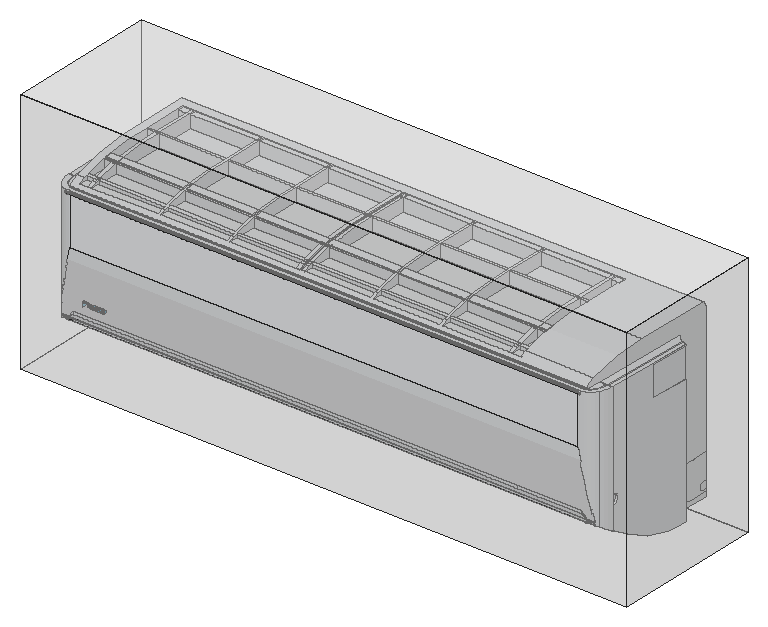
Revit family "outputfile", category 機械設備, Revit 2024 (continued)
Definition of nested family "FXAQ-ARVM"
  Automatic sketch dimensions
    Extrusion 15 sketch curve to level = 28.237 mm  (x2)
    plane 1 "Center (Front/Back)" to Extrusion 15 sketch curve = 187.5 mm
    Extrusion 15 sketch curve to Extrusion 15 sketch curve = 12.0 mm
    plane 1 "Center (Front/Back)" to Extrusion 15 sketch curve = 133.0 mm
    plane 1 "Center (Front/Back)" to Extrusion 15 sketch curve = 33.5 mm
    Extrusion 15 sketch curve to Extrusion 15 sketch curve = 11.0 mm
    Extrusion 15 sketch curve to Extrusion 15 sketch curve = 268.554 mm
    Extrusion 15 sketch curve to level = 5.047 mm
    Extrusion 16 sketch curve to level = 0.0 mm
    Extrusion 16 sketch curve to level = 28.237 mm  (x2)
    plane 1 "Center (Front/Back)" to Extrusion 16 sketch curve = 187.5 mm
    Extrusion 16 sketch curve to Extrusion 16 sketch curve = 12.0 mm
    plane 1 "Center (Front/Back)" to Extrusion 16 sketch curve = 133.0 mm
    plane 1 "Center (Front/Back)" to Extrusion 16 sketch curve = 33.5 mm
    Extrusion 16 sketch curve to Extrusion 16 sketch curve = 11.0 mm
    Extrusion 16 sketch curve to Extrusion 16 sketch curve = 268.554 mm
    Extrusion 16 sketch curve to level = 5.047 mm
    Extrusion 17 sketch curve to level = 0.0 mm
    Extrusion 17 sketch curve to level = 28.237 mm  (x2)
    plane 1 "Center (Front/Back)" to Extrusion 17 sketch curve = 187.5 mm
    Extrusion 17 sketch curve to Extrusion 17 sketch curve = 12.0 mm
    plane 1 "Center (Front/Back)" to Extrusion 17 sketch curve = 133.0 mm
    plane 1 "Center (Front/Back)" to Extrusion 17 sketch curve = 33.5 mm
    Extrusion 17 sketch curve to Extrusion 17 sketch curve = 11.0 mm
    Extrusion 17 sketch curve to Extrusion 17 sketch curve = 268.554 mm
    Extrusion 17 sketch curve to level = 5.047 mm
    Extrusion 18 sketch curve to level = 0.0 mm
    Extrusion 18 sketch curve to level = 28.237 mm  (x2)
    plane 1 "Center (Front/Back)" to Extrusion 18 sketch curve = 187.5 mm
    Extrusion 18 sketch curve to Extrusion 18 sketch curve = 12.0 mm
    plane 1 "Center (Front/Back)" to Extrusion 18 sketch curve = 133.0 mm
    plane 1 "Center (Front/Back)" to Extrusion 18 sketch curve = 33.5 mm
    Extrusion 18 sketch curve to Extrusion 18 sketch curve = 11.0 mm
    Extrusion 18 sketch curve to Extrusion 18 sketch curve = 268.554 mm
    Extrusion 18 sketch curve to level = 5.047 mm
    Extrusion 19 sketch curve to level = 0.0 mm
    Extrusion 19 sketch curve to level = 28.237 mm  (x2)
    plane 1 "Center (Front/Back)" to Extrusion 19 sketch curve = 187.5 mm
    Extrusion 19 sketch curve to Extrusion 19 sketch curve = 12.0 mm
    plane 1 "Center (Front/Back)" to Extrusion 19 sketch curve = 133.0 mm
    plane 1 "Center (Front/Back)" to Extrusion 19 sketch curve = 33.5 mm
    Extrusion 19 sketch curve to Extrusion 19 sketch curve = 11.0 mm
    Extrusion 19 sketch curve to Extrusion 19 sketch curve = 268.554 mm
    Extrusion 19 sketch curve to level = 5.047 mm
    Extrusion 20 sketch curve to level = 21.282 mm
    plane 1 "Center (Front/Back)" to Extrusion 20 sketch curve = 240.994 mm
    Extrusion 20 sketch curve to Extrusion 20 sketch curve = 13.494 mm
    Extrusion 20 sketch curve to Extrusion 20 sketch curve = 4.0 mm  (x3)
    Extrusion 20 sketch curve to Extrusion 20 sketch curve = 8.394 mm
    Extrusion 20 sketch curve to level = 5.822 mm
    Extrusion 20 sketch curve to Extrusion 20 sketch curve = 32.0 mm
    Extrusion 20 sketch curve to level = 0.0 mm  (x2)
    Extrusion 20 sketch curve to Extrusion 20 sketch curve = 54.499 mm
    Extrusion 20 sketch curve to Extrusion 20 sketch curve = 32.501 mm
    plane 1 "Center (Front/Back)" to Extrusion 20 sketch curve = 22.5 mm
    Extrusion 20 sketch curve to Extrusion 20 sketch curve = 21.478 mm
    Extrusion 20 sketch curve to Extrusion 20 sketch curve = 0.0 mm  (x6)
    Extrusion 20 sketch curve to Extrusion 20 sketch curve = 36.758 mm
    Extrusion 20 sketch curve to Extrusion 20 sketch curve = 5.835 mm
    Extrusion 20 sketch curve to Extrusion 20 sketch curve = 1.312 mm
    Extrusion 20 sketch curve to Extrusion 20 sketch curve = 0.776 mm
    Extrusion 20 sketch curve to Extrusion 20 sketch curve = 4.24 mm
    Extrusion 20 sketch curve to Extrusion 20 sketch curve = 232.82 mm
    Extrusion 21 sketch curve to level = 21.282 mm
    plane 1 "Center (Front/Back)" to Extrusion 21 sketch curve = 240.994 mm
    Extrusion 21 sketch curve to Extrusion 21 sketch curve = 13.494 mm
    Extrusion 21 sketch curve to Extrusion 21 sketch curve = 4.0 mm  (x3)
    Extrusion 21 sketch curve to Extrusion 21 sketch curve = 8.394 mm
    Extrusion 21 sketch curve to level = 5.822 mm
    Extrusion 21 sketch curve to Extrusion 21 sketch curve = 32.0 mm
    Extrusion 21 sketch curve to level = 0.0 mm  (x2)
    Extrusion 21 sketch curve to Extrusion 21 sketch curve = 54.499 mm
    Extrusion 21 sketch curve to Extrusion 21 sketch curve = 32.501 mm
    plane 1 "Center (Front/Back)" to Extrusion 21 sketch curve = 22.5 mm
    Extrusion 21 sketch curve to Extrusion 21 sketch curve = 21.478 mm
    Extrusion 21 sketch curve to Extrusion 21 sketch curve = 0.0 mm  (x6)
    Extrusion 21 sketch curve to Extrusion 21 sketch curve = 36.758 mm
    Extrusion 21 sketch curve to Extrusion 21 sketch curve = 5.835 mm
    Extrusion 21 sketch curve to Extrusion 21 sketch curve = 1.312 mm
    Extrusion 21 sketch curve to Extrusion 21 sketch curve = 0.776 mm
    Extrusion 21 sketch curve to Extrusion 21 sketch curve = 4.24 mm
    Extrusion 21 sketch curve to Extrusion 21 sketch curve = 232.82 mm
    Extrusion 22 sketch curve to level = 21.282 mm
    plane 1 "Center (Front/Back)" to Extrusion 22 sketch curve = 240.994 mm
    Extrusion 22 sketch curve to Extrusion 22 sketch curve = 13.494 mm
    Extrusion 22 sketch curve to Extrusion 22 sketch curve = 4.0 mm  (x3)
    Extrusion 22 sketch curve to Extrusion 22 sketch curve = 8.394 mm
    Extrusion 22 sketch curve to level = 5.822 mm
    Extrusion 22 sketch curve to Extrusion 22 sketch curve = 32.0 mm
    Extrusion 22 sketch curve to level = 0.0 mm  (x2)
    Extrusion 22 sketch curve to Extrusion 22 sketch curve = 54.499 mm
    Extrusion 22 sketch curve to Extrusion 22 sketch curve = 32.501 mm
    plane 1 "Center (Front/Back)" to Extrusion 22 sketch curve = 22.5 mm
    Extrusion 22 sketch curve to Extrusion 22 sketch curve = 21.478 mm
    Extrusion 22 sketch curve to Extrusion 22 sketch curve = 0.0 mm  (x6)
    Extrusion 22 sketch curve to Extrusion 22 sketch curve = 36.758 mm
    Extrusion 22 sketch curve to Extrusion 22 sketch curve = 5.835 mm
    Extrusion 22 sketch curve to Extrusion 22 sketch curve = 1.312 mm
    Extrusion 22 sketch curve to Extrusion 22 sketch curve = 0.776 mm
    Extrusion 22 sketch curve to Extrusion 22 sketch curve = 4.24 mm
    Extrusion 22 sketch curve to Extrusion 22 sketch curve = 232.82 mm
    Extrusion 23 sketch curve to level = 21.282 mm
    plane 1 "Center (Front/Back)" to Extrusion 23 sketch curve = 240.994 mm
    Extrusion 23 sketch curve to Extrusion 23 sketch curve = 13.494 mm
    Extrusion 23 sketch curve to Extrusion 23 sketch curve = 4.0 mm  (x3)
    Extrusion 23 sketch curve to Extrusion 23 sketch curve = 8.394 mm
    Extrusion 23 sketch curve to level = 5.822 mm
    Extrusion 23 sketch curve to Extrusion 23 sketch curve = 32.0 mm
    Extrusion 23 sketch curve to level = 0.0 mm  (x2)
    Extrusion 23 sketch curve to Extrusion 23 sketch curve = 54.499 mm
    Extrusion 23 sketch curve to Extrusion 23 sketch curve = 32.501 mm
    plane 1 "Center (Front/Back)" to Extrusion 23 sketch curve = 22.5 mm
    Extrusion 23 sketch curve to Extrusion 23 sketch curve = 21.478 mm
    Extrusion 23 sketch curve to Extrusion 23 sketch curve = 0.0 mm  (x6)
    Extrusion 23 sketch curve to Extrusion 23 sketch curve = 36.758 mm
    Extrusion 23 sketch curve to Extrusion 23 sketch curve = 5.835 mm
    Extrusion 23 sketch curve to Extrusion 23 sketch curve = 1.312 mm
    Extrusion 23 sketch curve to Extrusion 23 sketch curve = 0.776 mm
    Extrusion 23 sketch curve to Extrusion 23 sketch curve = 4.24 mm
    Extrusion 23 sketch curve to Extrusion 23 sketch curve = 232.82 mm
    Extrusion 24 sketch curve to Extrusion 24 sketch curve = 0.0 mm  (x8)
    plane 1 "Center (Front/Back)" to Extrusion 24 sketch curve = 190.499 mm
    Extrusion 24 sketch curve to Extrusion 24 sketch curve = 1.59 mm
    Extrusion 24 sketch curve to Extrusion 24 sketch curve = 90.869 mm
    Extrusion 24 sketch curve to Extrusion 24 sketch curve = 0.314 mm
    plane 1 "Center (Front/Back)" to Extrusion 24 sketch curve = 86.836 mm
    plane 1 "Center (Front/Back)" to Extrusion 24 sketch curve = 64.456 mm
    Extrusion 24 sketch curve to Extrusion 24 sketch curve = 0.236 mm
    Extrusion 24 sketch curve to level = 297.891 mm
    Extrusion 24 sketch curve to Extrusion 24 sketch curve = 2.984 mm
    Extrusion 24 sketch curve to Extrusion 24 sketch curve = 29.971 mm
    Extrusion 24 sketch curve to Extrusion 24 sketch curve = 2.544 mm
    Extrusion 24 sketch curve to Extrusion 24 sketch curve = 99.401 mm
    Extrusion 24 sketch curve to level = 57.993 mm
    Extrusion 24 sketch curve to Extrusion 24 sketch curve = 0.646 mm
    Extrusion 25 sketch curve to Extrusion 25 sketch curve = 0.0 mm  (x8)
    plane 1 "Center (Front/Back)" to Extrusion 25 sketch curve = 190.499 mm
    Extrusion 25 sketch curve to Extrusion 25 sketch curve = 1.59 mm
    Extrusion 25 sketch curve to Extrusion 25 sketch curve = 90.869 mm
    Extrusion 25 sketch curve to Extrusion 25 sketch curve = 0.314 mm
    plane 1 "Center (Front/Back)" to Extrusion 25 sketch curve = 86.836 mm
    plane 1 "Center (Front/Back)" to Extrusion 25 sketch curve = 64.456 mm
    Extrusion 25 sketch curve to Extrusion 25 sketch curve = 0.236 mm
    Extrusion 25 sketch curve to level = 297.891 mm
    Extrusion 25 sketch curve to Extrusion 25 sketch curve = 2.984 mm
    Extrusion 25 sketch curve to Extrusion 25 sketch curve = 29.971 mm
    Extrusion 25 sketch curve to Extrusion 25 sketch curve = 2.544 mm
    Extrusion 25 sketch curve to Extrusion 25 sketch curve = 99.401 mm
    Extrusion 25 sketch curve to level = 57.993 mm
    Extrusion 25 sketch curve to Extrusion 25 sketch curve = 0.646 mm
    Extrusion 26 sketch curve to Extrusion 26 sketch curve = 0.0 mm  (x8)
    plane 1 "Center (Front/Back)" to Extrusion 26 sketch curve = 190.499 mm
    Extrusion 26 sketch curve to Extrusion 26 sketch curve = 1.59 mm
    Extrusion 26 sketch curve to Extrusion 26 sketch curve = 90.869 mm
    Extrusion 26 sketch curve to Extrusion 26 sketch curve = 0.314 mm
    plane 1 "Center (Front/Back)" to Extrusion 26 sketch curve = 86.836 mm
    plane 1 "Center (Front/Back)" to Extrusion 26 sketch curve = 64.456 mm
    Extrusion 26 sketch curve to Extrusion 26 sketch curve = 0.236 mm
    Extrusion 26 sketch curve to level = 297.891 mm
    Extrusion 26 sketch curve to Extrusion 26 sketch curve = 2.984 mm
    Extrusion 26 sketch curve to Extrusion 26 sketch curve = 29.971 mm
    Extrusion 26 sketch curve to Extrusion 26 sketch curve = 2.544 mm
    Extrusion 26 sketch curve to Extrusion 26 sketch curve = 99.401 mm
    Extrusion 26 sketch curve to level = 57.993 mm
    Extrusion 26 sketch curve to Extrusion 26 sketch curve = 0.646 mm
    Extrusion 27 sketch curve to plane 1 "Center (Front/Back)" = 1.095 mm
    Extrusion 27 sketch curve to plane 3 "Center (Left/Right)" = 442.5 mm
    plane 3 "Center (Left/Right)" to Extrusion 27 sketch curve = 442.5 mm
    plane 1 "Center (Front/Back)" to Extrusion 28 sketch curve = 220.019 mm
    Extrusion 28 sketch curve to Extrusion 28 sketch curve = 0.019 mm  (x2)
    Extrusion 28 sketch curve to level = 211.038 mm
    Extrusion 28 sketch curve to Extrusion 28 sketch curve = 10.195 mm
    plane 1 "Center (Front/Back)" to Extrusion 29 sketch curve = 220.019 mm
    Extrusion 29 sketch curve to Extrusion 29 sketch curve = 0.019 mm  (x2)
    Extrusion 29 sketch curve to level = 190.648 mm
    Extrusion 29 sketch curve to Extrusion 29 sketch curve = 10.195 mm
    plane 1 "Center (Front/Back)" to Extrusion 30 sketch curve = 136.859 mm
    plane 1 "Center (Front/Back)" to Extrusion 30 sketch curve = 67.205 mm
    Extrusion 30 sketch curve to level = 81.374 mm
    Extrusion 30 sketch curve to level = 29.798 mm
    Extrusion 31 sketch curve to Extrusion 31 sketch curve = 0.0 mm  (x8)
    plane 1 "Center (Front/Back)" to Extrusion 31 sketch curve = 190.584 mm
    Extrusion 31 sketch curve to Extrusion 31 sketch curve = 0.53 mm
    Extrusion 31 sketch curve to Extrusion 31 sketch curve = 92.014 mm
    Extrusion 31 sketch curve to Extrusion 31 sketch curve = 0.105 mm
    plane 1 "Center (Front/Back)" to Extrusion 31 sketch curve = 87.867 mm
    plane 1 "Center (Front/Back)" to Extrusion 31 sketch curve = 65.488 mm
    Extrusion 31 sketch curve to Extrusion 31 sketch curve = 0.236 mm
    Extrusion 31 sketch curve to level = 297.891 mm
    Extrusion 31 sketch curve to Extrusion 31 sketch curve = 0.995 mm
    Extrusion 31 sketch curve to Extrusion 31 sketch curve = 31.823 mm
    Extrusion 31 sketch curve to Extrusion 31 sketch curve = 0.848 mm
    Extrusion 31 sketch curve to Extrusion 31 sketch curve = 99.488 mm
    Extrusion 31 sketch curve to level = 59.895 mm
    Extrusion 31 sketch curve to Extrusion 31 sketch curve = 0.646 mm
    plane 1 "Center (Front/Back)" to Extrusion 32 sketch curve = 0.0 mm
    Extrusion 32 sketch curve to plane 3 "Center (Left/Right)" = 360.5 mm
    Extrusion 32 sketch curve to Extrusion 32 sketch curve = 20.0 mm  (x3)
    plane 1 "Center (Front/Back)" to Extrusion 32 sketch curve = 30.0 mm
    plane 1 "Center (Front/Back)" to Extrusion 33 sketch curve = 0.0 mm
    plane 1 "Center (Front/Back)" to Extrusion 33 sketch curve = 30.0 mm
    plane 3 "Center (Left/Right)" to Extrusion 33 sketch curve = 424.5 mm
    Extrusion 33 sketch curve to Extrusion 33 sketch curve = 20.0 mm  (x3)
    radius of Extrusion 1 sketch curve = 40.0 mm  (x2)
  Nested families
    nested 1: "daikin_logo_plane_w40" at (-391.997, -253.271, -188.968) x (1, 0, 0) z (0, -0.9926, -0.1217), type "daikin_logo_plane_w40"
      with show_logo yes
  Definition of nested family "daikin_logo_plane_w40"
    Parameters (values of type "daikin_logo_plane_w40")
      width = 40.0 mm
      show_logo [instance] = yes
      material = none
      height = 0.0 mm
      depth = 0.0 mm
      Default Elevation = 1219.2 mm
    Reference planes
      plane 1 "Center (Front/Back)": y = 0
      plane 2: z = 0
      plane 3 "Center (Left/Right)": x = 0
      plane 4: z = 2
      plane 5 "left": x = -19
      plane 6: x = 19
    Forms (mm)
      Extrusion 1, solid, visible <- "show_logo"
        sketch origin (-19, 0, 0) x (1, 0, 0) y (0, 1, 0)
          loop
            line (8.902, -1.878) -> (7.789, -6.332) -> (11.13, -6.332)
            arc (11.13, -6.332) -> (12.454, -6.064) -> (13.472, -5.176) r 2.642
            arc (13.472, -5.176) -> (13.92, -4.02) -> (13.767, -2.79) r 2.537
            arc (13.767, -2.79) -> (13.452, -2.342) -> (12.982, -2.06) r 1.321
            arc (12.982, -2.06) -> (12.063, -1.902) -> (11.13, -1.878) r 6.479
            line (11.13, -1.878) -> (8.902, -1.878)
          loop
            line (10.016, -5.441) -> (10.907, -5.441)
            arc (10.907, -5.441) -> (11.591, -4.983) -> (11.988, -4.261) r 1.742
            spline (11.988, -4.261) -> (12.01, -4.155) -> (12.027, -4.03) -> (12.037, -3.893) -> (12.037, -3.747) -> (12.026, -3.598) -> (12.002, -3.451) -> (11.962, -3.31) -> (11.905, -3.181) -> (11.829, -3.069) -> (11.731, -2.978) -> (11.61, -2.913) -> (11.464, -2.88)
            line (11.464, -2.88) -> (10.573, -2.88) -> (10.016, -5.441)
          loop
            line (13.58, -6.332) -> (14.805, -6.332) -> (15.223, -5.553) -> (16.977, -5.553) -> (17.144, -6.332) -> (19.149, -6.332) -> (18.258, -1.878) -> (16.03, -1.878) -> (13.58, -6.332)
          loop
            line (16.476, -3.214) -> (15.76, -4.551) -> (16.762, -4.551) -> (16.476, -3.214)
          loop
            line (19.705, -6.332) -> (21.599, -6.332) -> (22.712, -1.878) -> (20.819, -1.878) -> (19.705, -6.332)
          loop
            line (22.712, -6.332) -> (24.606, -6.332) -> (24.908, -5.122) -> (25.831, -6.332) -> (28.17, -6.332) -> (26.388, -3.994) -> (28.949, -1.878) -> (26.945, -1.878) -> (25.401, -3.153) -> (25.719, -1.878) -> (23.826, -1.878) -> (22.712, -6.332)
          loop
            line (29.84, -1.878) -> (28.615, -6.332) -> (30.62, -6.332) -> (31.734, -1.878) -> (29.84, -1.878)
          loop
            line (31.734, -6.332) -> (33.07, -6.332) -> (33.7, -3.814) -> (34.518, -6.332) -> (36.745, -6.332) -> (37.859, -1.878) -> (36.523, -1.878) -> (35.845, -4.589) -> (34.963, -1.878) -> (32.847, -1.878) -> (31.734, -6.332)
        from 0 to 2
      Extrusion 2, solid, visible <- "show_logo"
        sketch origin (-19, 0, 0) x (1, 0, 0) y (0, 1, 0)
          loop
            line (8.7, 0) -> (4.235, 0) -> (0, -3.879) -> (0, -8) -> (8.7, 0)
        from 0 to 2
      Extrusion 3, solid, visible <- "show_logo"
        sketch origin (-19, 0, 0) x (1, 0, 0) y (0, 1, 0)
          loop
            line (0, 0) -> (0, -3.879) -> (4.235, 0) -> (0, 0)
        from 0 to 2
    Dimensions and locks
      plane 4 to plane 2 = 2.0 mm
      equal spacing: plane 5 "left", plane 3 "Center (Left/Right)", plane 6
      locked: plane 5 "left" to plane 6 at 38
      aligned and locked: level to plane 2
      aligned and locked: Extrusion 3 to plane 1 "Center (Front/Back)"  (x2)
      aligned and locked: Extrusion 2 to plane 1 "Center (Front/Back)"  (x2)
      aligned and locked: plane 4 to Extrusion 1
      aligned and locked: plane 4 to Extrusion 3
      aligned and locked: plane 4 to Extrusion 2
      aligned and locked: Extrusion 3 to plane 5 "left"
      aligned and locked: Extrusion 2 to plane 5 "left"
    Automatic sketch dimensions
      Extrusion 1 sketch curve to Extrusion 1 sketch curve = 0.901 mm
      Extrusion 1 sketch curve to Extrusion 1 sketch curve = 1.559 mm
      Extrusion 1 sketch curve to Extrusion 1 sketch curve = 1.327 mm
      Extrusion 1 sketch curve to Extrusion 1 sketch curve = 2.145 mm
      Extrusion 1 sketch curve to Extrusion 1 sketch curve = 1.448 mm
      Extrusion 1 sketch curve to Extrusion 1 sketch curve = 2.116 mm
      Extrusion 1 sketch curve to Extrusion 1 sketch curve = 1.114 mm  (x4)
      Extrusion 1 sketch curve to Extrusion 1 sketch curve = 1.336 mm  (x2)
      plane 1 "Center (Front/Back)" to Extrusion 1 sketch curve = 1.878 mm  (x5)
      Extrusion 1 sketch curve to Extrusion 1 sketch curve = 1.893 mm  (x5)
      Extrusion 1 sketch curve to Extrusion 1 sketch curve = 0.891 mm  (x4)
      Extrusion 1 sketch curve to Extrusion 1 sketch curve = 2.005 mm  (x3)
      Extrusion 1 sketch curve to Extrusion 1 sketch curve = 0.445 mm  (x2)
      plane 1 "Center (Front/Back)" to Extrusion 1 sketch curve = 3.994 mm
      Extrusion 1 sketch curve to Extrusion 1 sketch curve = 0.557 mm  (x2)
      Extrusion 1 sketch curve to Extrusion 1 sketch curve = 2.339 mm  (x2)
      Extrusion 1 sketch curve to Extrusion 1 sketch curve = 1.225 mm  (x3)
      plane 1 "Center (Front/Back)" to Extrusion 1 sketch curve = 3.153 mm
      Extrusion 1 sketch curve to Extrusion 1 sketch curve = 0.987 mm
      plane 1 "Center (Front/Back)" to Extrusion 1 sketch curve = 5.122 mm
      Extrusion 1 sketch curve to Extrusion 1 sketch curve = 0.922 mm
      plane 1 "Center (Front/Back)" to Extrusion 1 sketch curve = 6.332 mm
      Extrusion 1 sketch curve to Extrusion 1 sketch curve = 2.562 mm
      plane 1 "Center (Front/Back)" to Extrusion 1 sketch curve = 5.553 mm
      Extrusion 1 sketch curve to Extrusion 1 sketch curve = 0.167 mm
      Extrusion 1 sketch curve to Extrusion 1 sketch curve = 0.215 mm
      plane 1 "Center (Front/Back)" to Extrusion 1 sketch curve = 3.214 mm
      Extrusion 1 sketch curve to Extrusion 1 sketch curve = 0.286 mm
      plane 1 "Center (Front/Back)" to Extrusion 1 sketch curve = 4.551 mm
      Extrusion 1 sketch curve to Extrusion 1 sketch curve = 1.002 mm
      Extrusion 1 sketch curve to Extrusion 1 sketch curve = 0.537 mm
      Extrusion 1 sketch curve to Extrusion 1 sketch curve = 0.418 mm
      Extrusion 1 sketch curve to Extrusion 1 sketch curve = 1.028 mm
      plane 1 "Center (Front/Back)" to Extrusion 1 sketch curve = 4.261 mm
      Extrusion 1 sketch curve to Extrusion 1 sketch curve = 0.563 mm
      plane 1 "Center (Front/Back)" to Extrusion 1 sketch curve = 2.88 mm
      Extrusion 1 sketch curve to Extrusion 1 sketch curve = 1.088 mm
      Extrusion 1 sketch curve to Extrusion 1 sketch curve = 2.152 mm
      Extrusion 1 sketch curve to Extrusion 1 sketch curve = 0.586 mm
      Extrusion 1 sketch curve to Extrusion 1 sketch curve = 0.118 mm
      Extrusion 1 sketch curve to Extrusion 1 sketch curve = 0.298 mm
      Extrusion 1 sketch curve to Extrusion 1 sketch curve = 0.334 mm
      Extrusion 1 sketch curve to Extrusion 1 sketch curve = 0.223 mm
      Extrusion 1 sketch curve to Extrusion 1 sketch curve = 0.266 mm
      Extrusion 1 sketch curve to Extrusion 1 sketch curve = 1.671 mm
      Extrusion 1 sketch curve to Extrusion 1 sketch curve = 2.227 mm
      Extrusion 1 sketch curve to Extrusion 1 sketch curve = 0.0 mm  (x7)
      Extrusion 1 sketch curve to Extrusion 1 sketch curve = 3.453 mm
      Extrusion 1 sketch curve to Extrusion 1 sketch curve = 2.017 mm
      Extrusion 1 sketch curve to Extrusion 1 sketch curve = 0.78 mm  (x2)
      Extrusion 1 sketch curve to Extrusion 1 sketch curve = 1.743 mm
      Extrusion 1 sketch curve to Extrusion 1 sketch curve = 0.775 mm
      Extrusion 1 sketch curve to Extrusion 1 sketch curve = 0.552 mm
      Extrusion 1 sketch curve to Extrusion 1 sketch curve = 0.014 mm
      Extrusion 1 sketch curve to Extrusion 1 sketch curve = 0.952 mm
      Extrusion 1 sketch curve to Extrusion 1 sketch curve = 1.215 mm
      Extrusion 1 sketch curve to Extrusion 1 sketch curve = 0.108 mm
      plane 1 "Center (Front/Back)" to Extrusion 2 sketch curve = 0.0 mm
      Extrusion 2 sketch curve to plane 3 "Center (Left/Right)" = 19.0 mm
      Extrusion 2 sketch curve to plane 3 "Center (Left/Right)" = 14.765 mm
      Extrusion 2 sketch curve to Extrusion 2 sketch curve = 4.465 mm
      plane 1 "Center (Front/Back)" to Extrusion 2 sketch curve = 3.879 mm
      Extrusion 2 sketch curve to Extrusion 2 sketch curve = 4.12 mm
      plane 1 "Center (Front/Back)" to Extrusion 3 sketch curve = 0.0 mm
      Extrusion 3 sketch curve to plane 3 "Center (Left/Right)" = 19.0 mm
      Extrusion 3 sketch curve to plane 3 "Center (Left/Right)" = 14.765 mm
      plane 1 "Center (Front/Back)" to Extrusion 3 sketch curve = 3.879 mm
      Extrusion 1 sketch curve to plane 3 "Center (Left/Right)" = 11.211 mm
      Extrusion 1 sketch curve to Extrusion 1 sketch curve = 1.782 mm
Definition of nested family "daikin_connector_rotate3"
  Parameters (values of type "daikin_connector_rotate3")
    show [instance] = yes
    radius [instance] = 10.0 mm
    length [instance] = 600.0 mm
    angle_horizontal [instance] = 60.00°
    angle_vertical [instance] = 90.00°
    Default Elevation = 1219.2 mm
  Reference planes
    plane 1 "Center (Front/Back)": y = 0
    plane 2: z = 0
    plane 3 "Center (Left/Right)": x = 0
  Dimensions and locks
    "angle_horizontal": angle plane 3 "Center (Left/Right)" to nested 1
    aligned and locked: level to plane 2
    aligned and locked: plane 1 "Center (Front/Back)" to nested 1  (x2)
    aligned and locked: plane 3 "Center (Left/Right)" to nested 1
  Nested families
    nested 1: "daikin_connector_rotate2" at (0, 0, 0) x (0.5, 0.866, 0) z (0, 0, 1), angle_vertical <- "angle_vertical", length <- "length", radius <- "radius", type "daikin_connector_rotate2"
      with radius 10.0 mm, length 600.0 mm, angle_vertical 90.00°
  Definition of nested family "daikin_connector_rotate2"
    Parameters (values of type "daikin_connector_rotate2")
      show_face = yes
      radius [instance] = 10.0 mm
      length [instance] = 600.0 mm
      d_surface = 10.0 mm
      angle_vertical [instance] = 90.00°
      Default Elevation = 0.0 mm
    Reference planes
      plane 1 "Center (Front/Back)": y = 0
      plane 2: z = 0
      plane 3 "Center (Left/Right)": x = 0
    Forms (mm)
      Extrusion 1, solid, visible <- "show_face"
        sketch origin (0, -600, 0) x (1, 0, 0) y (0, 0, 1)
          loop
            circle (0, 0) r 10
        from 0 to -10
    Lines and regions (mm)
      reference lines
        curve 1: line (0, 0, 0) -> (0, -600, 0)
      symbolic lines
        curve 2: circle (0, 0, 0) r 5 normal (0, 0, 1)
      model lines, visible <- "show_face"
        curve 3: line (0, 0, 0) -> (0, -600, 0)
    Dimensions and locks
      "length": curve 1 to curve 1
      "length": curve 3 to curve 3
      "d_surface": Extrusion 1 to Extrusion 1
      "radius": radius of Extrusion 1 sketch curve
      "angle_vertical": angle curve 1 to plane 1 "Center (Front/Back)"
      "angle_vertical": angle curve 3 to plane 1 "Center (Front/Back)"
      aligned and locked: level to plane 2
      aligned and locked: plane 1 "Center (Front/Back)" to curve 1
      aligned and locked: plane 2 to curve 1
      aligned and locked: plane 1 "Center (Front/Back)" to curve 2
      aligned and locked: plane 3 "Center (Left/Right)" to curve 2
      aligned and locked: plane 1 "Center (Front/Back)" to curve 3
      aligned and locked: plane 2 to curve 3
      aligned and locked: Extrusion 1 to Extrusion 1
    Automatic sketch dimensions
      Extrusion 1 sketch curve to level = 0.0 mm
      Extrusion 1 sketch curve to plane 3 "Center (Left/Right)" = 0.0 mm
      radius of curve 2 = 5.0 mm
